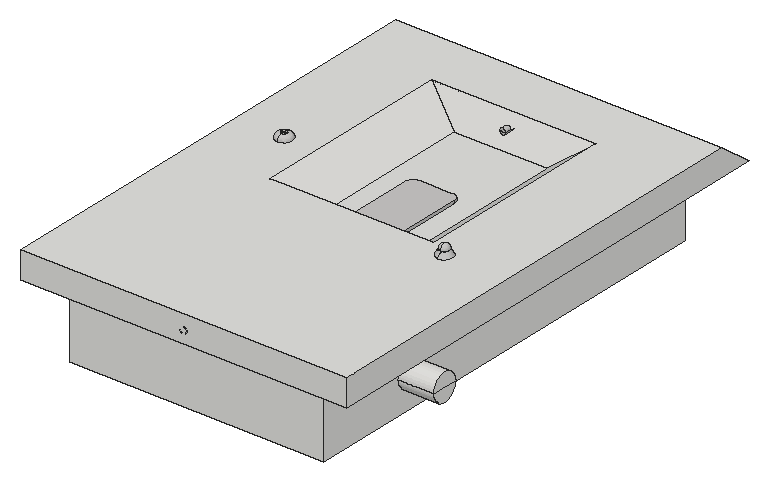
Revit family "Cup_Filler-Push_Button-Whitehall-BestCare-WHBF3", category Plumbing Fixtures, host Face, Revit 2019
Family settings
  Host = Face
  Round Connector Dimension = Use Diameter
  Part Type = Normal
  OmniClass Number = 23.65.70.14.11
  OmniClass Title = Drinking Fountains/Coolers
  Cut with Voids When Loaded = No
  Shared = Yes
  Room Calculation Point = No
Parameters (values of type "WHBF3")
  Width = 18 1/4"  # constant formula
  Water Connection Diameter = 1 1/4"  # constant formula
  Waste Connection Height = 28 1/2"
  Waste Connection = yes
  WFU = 2  # constant formula
  Vent Connection = no
  URL = "http://www.whitehallmfg.com/"
  Type Comments = ""
  Product Page URL = "https://www.whitehallmfg.com/product.aspx?ProductId=966"
  Product Documentation Link = "https://www.whitehallmfg.com/uploads/fileLibrary/WHBF3.pdf"
  Model = "WHBF3"
  Material = "Stainless Steel-Whitehall-EG10 Powder Coated White"  # constant formula
  Manufacturer = "Whitehall Manufacturing"  # constant formula
  Length = 18 1/4"  # constant formula
  Installation Type = "Recessed Wall Mounted"  # constant formula
  IAPMO Compliance = "Unit is certified to ANSI A117.1, Public Law 111-380 (NO-LEAD), CHSC 116875 and NSF/ANSI 61, Section 9."  # constant formula
  Height = 28 1/8"  # constant formula
  HWFU = 1.5  # constant formula
  HW Connection = no
  Finish = Stainless Steel-Whitehall-EG10 Powder Coated White
  Fill Rate = "1.0 GPM (3.8 LPM)"  # constant formula
  Description = "BestCare® Ligature-Resistant Semi-Recessed Push Button Cup Filler"  # constant formula
  Default Elevation = 23 1/8"
  Creation Date = "04/26/2022"  # constant formula
  Cold Water Connection Width = 2 5/8"
  Cold Water Connection Height = 21 5/8"
  Cold Water Connection Diameter = 3/8"
  CWFU = 1.5  # constant formula
  CW Connection = yes
  Assembly Code = "D2010800"
  ADA Compliant = yes
  -WF1 1500 gallon capacity, NSF 42+53, = no
  -CG1 Custom Graphics = no
Reference planes (in)
  plane 1 "Center (Front/Back)": y = 1.5
  plane 2: z = 0
  plane 3 "Center (Left/Right)": x = 0
  plane 4: y = 30
  plane 5: y = 23.125
  plane 6: z = 0.6875
  plane 7: y = 51.25
  plane 8: x = -9.125
  plane 9: x = 9.125
  plane 10: z = 1.5
  plane 11: y = 49.375
  plane 12: y = 24.125
  plane 13: y = 34.875
  plane 14: y = 45.5
  plane 15: y = 46.188
Forms (in)
  Extrusion 1, solid, material "Stainless Steel-Whitehall-EG10 Powder Coated White" <- "Finish"
    sketch origin (10.38623, 0, 8.07384) x (0, 0, -1) y (1, 0, 0)
      loop
        circle (7.38634, -10.38623) r 0.1875
    from -24.5 to -23.125
  Blend 2, solid, material "Stainless Steel-Whitehall-EG10 Powder Coated White" <- "Finish"
    base sketch origin (0, 0, 0) x (1, 0, 0) y (0, 1, 0)
      loop
        line (-9.125, 51.25) -> (-9.125, 23.125) -> (9.125, 23.125) -> (9.125, 51.25) -> (-9.125, 51.25)
    top sketch origin (0, 0, 0) x (1, 0, 0) y (0, 1, 0)
      loop
        line (-9.125, 49.375) -> (-9.125, 23.125) -> (9.125, 23.125) -> (9.125, 49.375) -> (-9.125, 49.375)
    from 0 to 1.5
  Blend 3, void
    base sketch origin (0, 0, 0) x (1, 0, 0) y (0, 1, 0)
      loop
        line (-2.54444, 45.25) -> (-2.54444, 34.875) -> (2.61956, 34.875) -> (2.61956, 45.25) -> (-2.54444, 45.25)
    top sketch origin (0, 0, 0) x (1, 0, 0) y (0, 1, 0)
      loop
        line (-4.54444, 34.875) -> (4.61956, 34.875) -> (4.61956, 46.188) -> (-4.54444, 46.188) -> (-4.54444, 34.875)
    from 0 to 1.5
  Extrusion 4, solid, material "Stainless Steel-Whitehall-EG10 Powder Coated White" <- "Finish"
    sketch origin (0, 1.5, 0) x (1, 0, 0) y (0, 0, 1)
      loop
        line (7.08744, 0) -> (-7.16256, 0) -> (-7.16256, -3.875) -> (7.08744, -3.875) -> (7.08744, 0)
    from -47.875 to -22.625
  Extrusion 5, void
    sketch origin (0, 0, 0) x (1, 0, 0) y (0, 1, 0)
      loop
        line (-7.16256, 49.375) -> (-7.16256, 24.125) -> (7.08744, 24.125) -> (7.08744, 49.375) -> (-7.16256, 49.375)
    from -3.875 to 0
  Revolve 6, solid, material "Stainless Steel-Whitehall-EG10 Powder Coated White" <- "Finish"
    sketch origin (0, 0, -2) x (1, 0, 0) y (0, 1, 0)
      loop
        line (7.13186, 30) -> (9.125, 30) -> (9.125, 30.75) -> (7.13186, 30.75) -> (7.13186, 30)
      axis (7.13186, 30) -> (9.125, 30)
    angle from 0 to 360
  Revolve 7, solid, material "Metal-Whitehall-Stainless Steel"
    sketch origin (5.625, 39.13876, 0) x (0, 1, 0) y (0, 0, 1)
      loop
        line (-4.76756, 1.5) -> (-4.32635, 1.5) -> (-4.48245, 1.77037) -> (-4.55354, 1.77037) -> (-4.55354, 1.81776) -> (-4.50981, 1.81776)
        arc (-4.50981, 1.81776) -> (-4.58531, 2.00002) -> (-4.76756, 2.07552) r 0.25775
        line (-4.76756, 2.07552) -> (-4.76756, 1.5)
      axis (-4.76756, 2.07552) -> (-4.76756, 1.5)
    angle from 0 to 360
  Revolve 8, solid, material "Metal-Whitehall-Stainless Steel"
    sketch origin (-6.375, 39.8125, 0) x (0, 1, 0) y (0, 0, 1)
      loop
        line (-1.65868, 1.5) -> (-1.20841, 1.5)
        arc (-1.20841, 1.5) -> (-1.28163, 1.67678) -> (-1.45841, 1.75) r 0.25
        line (-1.45841, 1.75) -> (-1.65868, 1.75) -> (-1.65868, 1.5)
      axis (-1.65868, 1.75) -> (-1.65868, 1.5)
    angle from 0 to 360
  Extrusion 9, void
    sketch origin (0.26362, 2.68901, 0) x (1, 0, 0) y (0, 1, 0)
      loop
        line (-6.85604, 35.51606) -> (-6.85604, 35.41503) -> (-6.42132, 35.41503) -> (-6.42132, 35.51606) -> (-6.85604, 35.51606)
    from 1.5 to 1.84384
  Extrusion 10, solid, material "Metal-Whitehall-Stainless Steel"
    sketch origin (0, 0, 0) x (1, 0, 0) y (0, 1, 0)
      loop
        arc (-0.80858, 40.75189) -> (-1.16213, 40.60544) -> (-1.30858, 40.25189) r 0.5
        line (-1.30858, 40.25189) -> (-1.30858, 36.50189)
        arc (-1.30858, 36.50189) -> (-1.16213, 36.14834) -> (-0.80858, 36.00189) r 0.5
        line (-0.80858, 36.00189) -> (0.94142, 36.00189)
        arc (0.94142, 36.00189) -> (1.29497, 36.14834) -> (1.44142, 36.50189) r 0.5
        line (1.44142, 36.50189) -> (1.44142, 40.25189)
        arc (1.44142, 40.25189) -> (1.29497, 40.60544) -> (0.94142, 40.75189) r 0.5
        line (0.94142, 40.75189) -> (-0.80858, 40.75189)
    from 0 to 0.12148
  Revolve 11, solid, material "Metal-Whitehall-Stainless Steel"
    sketch origin (0, 0, 0.81359) x (1, 0, 0) y (0, 1, 0)
      loop
        line (0, 46.65495) -> (0, 45.5) -> (0.16386, 45.5) -> (0.16386, 46.65495) -> (0, 46.65495)
      axis (0, 46.65495) -> (0, 45.5)
    angle from 0 to 360
Cuts and joins
  Blend 3, Extrusion 9 cuts Blend 2
  Extrusion 5 cuts Extrusion 1
  Extrusion 9 cuts Extrusion 4
  Extrusion 9 cuts Revolve 8
Lines and regions (in)
  Masking region 1
    outline origin (0, 1.5, 0) x (1, 0, 0) y (0, 0, 1)
      loop
        line (9.125, 1.5) -> (6.06621, 1.5) -> (5.91011, 1.77037) -> (5.83902, 1.77037) -> (5.83902, 1.81776) -> (5.88275, 1.81776)
        arc (5.88275, 1.81776) -> (5.625, 2.07552) -> (5.36725, 1.81776) r 0.25775
        line (5.36725, 1.81776) -> (5.41098, 1.81776) -> (5.41098, 1.77037) -> (5.33989, 1.77037) -> (5.18379, 1.5) -> (-5.92321, 1.5)
        arc (-5.92321, 1.5) -> (-5.99643, 1.67678) -> (-6.17321, 1.75) r 0.25
        line (-6.17321, 1.75) -> (-6.56898, 1.75)
        arc (-6.56898, 1.75) -> (-6.74576, 1.67678) -> (-6.81898, 1.5) r 0.25
        line (-6.81898, 1.5) -> (-9.125, 1.5) -> (-9.125, 0) -> (9.125, 0) -> (9.125, 1.5)
  Masking region 2, detail levels medium+fine
    outline origin (0, 1.5, 0) x (1, 0, 0) y (0, 0, 1)
      loop
        line (7.08744, 0) -> (-7.16256, 0) -> (-7.16256, -3.875) -> (7.08744, -3.875) -> (7.08744, 0)
  Split face 1
    outline origin (0.03756, 34.875, 0) x (0, 0, 1) y (1, 0, 0)
      loop
        circle (0.75, 0) r 0.5
  symbolic lines, detail levels medium+fine
    curve 1: line (9.125, 1.5, 1.5) -> (-9.125, 1.5, 1.5)
  symbolic lines, detail levels fine
    curve 2: line (5.83902, 1.5, 1.77037) -> (5.33989, 1.5, 1.77037)
    curve 3: line (5.83902, 1.5, 1.81776) -> (5.36725, 1.5, 1.81776)
Dimensions and locks (in)
  "Waste Connection Height": plane 1 "Center (Front/Back)" to plane 4
  plane 6 to host face = 11/16"
  "Height": plane 7 to plane 5
  equal spacing: plane 8, plane 3 "Center (Left/Right)", plane 9
  "Width": plane 8 to plane 9
  plane 10 to host face = 1 1/2"
  plane 12 to plane 11 = 25 1/4"
  plane 13 to plane 5 = 11 3/4"
  plane 14 to plane 13 = 10 5/8"
  plane 4 to plane 5 = 6 7/8"
  plane 15 to plane 13 = 11.313"
  cut or joined group of Blend 2, Blend 3, Extrusion 9 to cut or joined group of Blend 2, Blend 3, Extrusion 9 = 9.164"
  plane 14 to plane 1 "Center (Front/Back)" = 44"
  plane 5 to plane 1 "Center (Front/Back)" = 21 5/8"
  plane 1 "Center (Front/Back)" to plane 12 = 22 5/8"
  plane 12 to plane 5 = 1"
  plane 5 to plane 12 = 1"
  plane 1 "Center (Front/Back)" to plane 5 = 21 5/8"
  "Cold Water Connection Diameter": diameter of Extrusion 1 sketch curve
  aligned and locked: plane 2 to host face
  aligned and locked: level to host face
  aligned and locked: Extrusion 1 sketch curve to plane 6
  aligned and locked: plane 3 "Center (Left/Right)" to Extrusion 1 sketch curve
  aligned and locked: Blend 2 sketch curve to plane 7
  aligned and locked: plane 8 to Blend 2 sketch curve  (x2)
  aligned and locked: plane 5 to Blend 2 sketch curve
  aligned and locked: plane 9 to Blend 2 sketch curve
  aligned and locked: Blend 2 sketch curve to var sketch
  aligned and locked: var sketch to Blend 2 sketch curve
  aligned and locked: plane 10 to cut or joined group of Blend 2, Blend 3, Extrusion 9
  aligned and locked: Blend 2 to Blend 3
  aligned and locked: Blend 3 to level
  aligned and locked: plane 11 to Extrusion 4
  aligned and locked: Extrusion 4 to plane 12
  aligned and locked: Extrusion 5 sketch curve to Extrusion 4  (x4)
  aligned and locked: Extrusion 5 to Extrusion 4
  aligned and locked: level to Extrusion 5
  aligned and locked: Masking region 1 sketch curve to cut or joined group of Blend 2, Blend 3, Extrusion 9  (x4)
  aligned and locked: Masking region 2 sketch curve to Extrusion 4  (x4)
  aligned and locked: plane 13 to Blend 3 sketch curve
  aligned and locked: Extrusion 1 to plane 5
  aligned and locked: curve 1 to cut or joined group of Blend 2, Blend 3, Extrusion 9
  aligned and locked: curve 2 to Revolve 7
  aligned and locked: curve 3 to Revolve 7
  aligned and locked: Extrusion 9 to Blend 2
Automatic sketch dimensions
  curve 1 to plane 8 = 0"
  plane 9 to curve 1 = 0"
  plane 9 to curve 2 = 3.78511"
  curve 2 to curve 3 = 7/256"
  curve 3 to curve 3 = 0.47177"
  curve 3 to curve 2 = 0"
  host sketch curve to host sketch curve = 96"
  host sketch curve to host sketch curve = 120 1/4"
  Blend 2 sketch curve to plane 11 = 0"
  Blend 3 sketch curve to plane 15 = 0"
  Blend 3 sketch curve to plane 13 = 0"
  Blend 3 sketch curve to plane 3 "Center (Left/Right)" = 4.54444"
  plane 9 to Blend 3 sketch curve = 4.50544"
  Extrusion 4 sketch curve to level = 0"
  plane 8 to Extrusion 4 sketch curve = 1.96244"
  plane 9 to Extrusion 4 sketch curve = 2.03756"
  Extrusion 4 sketch curve to level = 3 7/8"
  Masking region 1 sketch curve to plane 10 = 0"  (x2)
  plane 8 to Masking region 1 sketch curve = 2.30602"
  Masking region 1 sketch curve to Masking region 1 sketch curve = 1/4"
  Masking region 1 sketch curve to Masking region 1 sketch curve = 0.39578"
  Masking region 1 sketch curve to Masking region 1 sketch curve = 3.94121"
  plane 10 to Masking region 1 sketch curve = 0.27037"  (x2)
  Masking region 1 sketch curve to Masking region 1 sketch curve = 0.1561"  (x2)
  Masking region 1 sketch curve to Masking region 1 sketch curve = 7/256"  (x2)
  Masking region 1 sketch curve to Masking region 1 sketch curve = 0.04373"  (x2)
  Masking region 1 sketch curve to Masking region 1 sketch curve = 0.21402"
  Masking region 1 sketch curve to Masking region 1 sketch curve = 0.04739"
  Revolve 6 sketch curve to plane 4 = 0"  (x2)
  Revolve 6 sketch curve to plane 9 = 0"
  plane 9 to Revolve 6 sketch curve = 1.99314"
  plane 4 to Revolve 6 sketch curve = 3/4"
  plane 9 to Revolve 6 sketch curve = 3/4"
  Revolve 6 sketch curve to Revolve 6 sketch curve = 5 1/4"
  Revolve 7 sketch curve to plane 10 = 0"
  Revolve 7 sketch curve to plane 13 = 0.5038"  (x2)
  Revolve 7 sketch curve to Revolve 7 sketch curve = 0.21402"
  Revolve 7 sketch curve to Revolve 7 sketch curve = 0.04373"
  Revolve 7 sketch curve to Revolve 7 sketch curve = 7/256"
  Revolve 7 sketch curve to plane 13 = 0.06259"
  plane 10 to Revolve 7 sketch curve = 0.27037"
  Revolve 7 sketch curve to Revolve 7 sketch curve = 0.04739"
  Revolve 7 sketch curve to level = 1.3928"
  Revolve 7 sketch curve to Revolve 7 sketch curve = 0.78168"
  Revolve 8 sketch curve to plane 10 = 0"
  plane 13 to Revolve 8 sketch curve = 3.27882"
  Revolve 8 sketch curve to Revolve 8 sketch curve = 0.20027"
  Revolve 8 sketch curve to Revolve 8 sketch curve = 1/4"
  Revolve 8 sketch curve to Revolve 8 sketch curve = 0"
  Revolve 8 sketch curve to Revolve 8 sketch curve = 0.70048"
  Revolve 8 sketch curve to Revolve 8 sketch curve = 0.66309"
  plane 8 to Extrusion 9 sketch curve = 2.53259"
  Extrusion 9 sketch curve to Extrusion 9 sketch curve = 0.43471"
  plane 13 to Extrusion 9 sketch curve = 3.22904"
  Extrusion 9 sketch curve to Extrusion 9 sketch curve = 0.10104"
  Extrusion 10 sketch curve to plane 3 "Center (Left/Right)" = 1 79/256"
  Extrusion 10 sketch curve to Extrusion 10 sketch curve = 1/2"  (x3)
  plane 3 "Center (Left/Right)" to Extrusion 10 sketch curve = 241/256"  (x2)
  plane 13 to Extrusion 10 sketch curve = 1.12689"
  Revolve 11 sketch curve to plane 3 "Center (Left/Right)" = 0"  (x2)
  Revolve 11 sketch curve to plane 14 = 0"
  plane 3 "Center (Left/Right)" to Revolve 11 sketch curve = 0.16386"
  plane 15 to Revolve 11 sketch curve = 0.46695"
  Revolve 11 sketch curve to plane 11 = 3/4"
  Blend 3 sketch curve to plane 3 "Center (Left/Right)" = 2.54444"
  plane 3 "Center (Left/Right)" to Blend 3 sketch curve = 2.61956"
  Blend 3 sketch curve to plane 14 = 1/4"
  Split face 1 sketch curve to cut or joined group of Blend 2, Blend 3, Extrusion 9 = 3/4"
  Split face 1 sketch curve to cut or joined group of Blend 2, Blend 3, Extrusion 9 = 2.1492"
  Extrusion 10 sketch curve to Extrusion 10 sketch curve = 3 3/4"
  Revolve 11 sketch curve to plane 14 = 2"
  radius of Split face 1 sketch curve = 1/2"
Connectors (in)
  piping at (0, 23.125, 0.6875), diameter 0.375, driven by "Cold Water Connection Diameter"
    settings: on Extrusion 1, index 4, connector inside diameter 24", connector length 0", flow factor 0, pipe flow 0 GPM, pressure drop 0.00 psi, fitting loss kfactor 0, connector angle 0.00°, fixture units 0, engagement length 0", angle of deflection 0.00°, flow configuration 0, flow direction 1, fitting loss method 0, system type 29, joint type 0, gender type 0, connector reference index -1, connector utility 0, adjustable connector no, is connector primary yes, connector description "3/8\" NCT Supply Inlet Connection"
  piping at (9.125, 30, -2), diameter 1.25, driven by "Water Connection Diameter"
    settings: on Revolve 6, index 5, connector inside diameter 24", connector length 0", flow factor 0, pipe flow 0 GPM, pressure drop 0.00 psi, fitting loss kfactor 0, connector angle 0.00°, fixture units 0, engagement length 0", angle of deflection 0.00°, flow configuration 0, flow direction 2, fitting loss method 0, system type 16, joint type 0, gender type 0, connector reference index -1, connector utility 0, adjustable connector no, is connector primary no, connector description "1 1/4\" OD Waste Outlet Connection"
